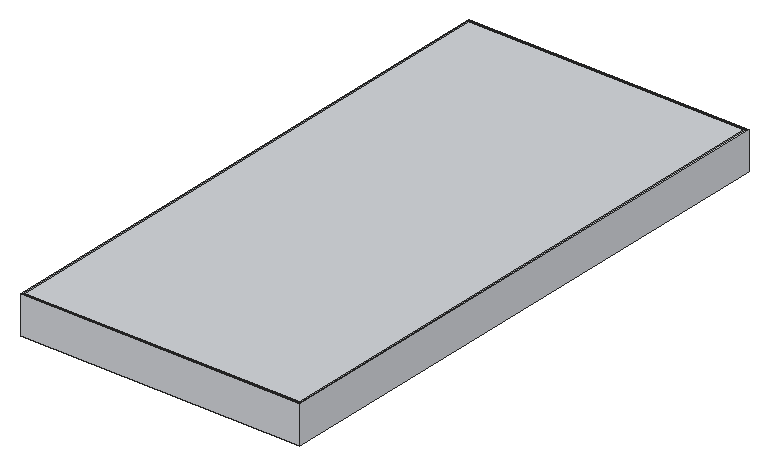
Revit family "Normentwässerungswanne", category Sanitärinstallationen, Revit 2020
Family settings
  Bemaßung runder Anschluss = Durchmesser verwenden
  Teiletyp = Normal
  Arbeitsebenenbasiert = Nein
  Immer vertikal = Ja
  Beim Laden mit Abzugskörper schneiden = Nein
  Gemeinsam genutzt = Nein
  Raumberechnungspunkt = Nein
Parameters (values of type "RS755.1200.600W")
  Vorgabe-Ansicht = 0 mm
  URL = "https://www.resitec.ch/"
  RS_yrohr [instance] = L / 2  # 600 mm
  RS_xrohr [instance] = B / 2  # 300 mm
  RS_s1 = 3 mm
  RS_hKR [instance] = 20 mm  # constant formula
  RS_dim001 = 5 mm  # constant formula
  RS_bKR [instance] = 50 mm  # constant formula
  RS_URL = ""
  RS_Manufacture = "Resitec"  # constant formula
  RS_Lrohr [instance] = L Rohr  # 150 mm
  RS_KRon [instance] = Kleberand  # no
  RS_Description [instance] = ""
  RS_DN1d [instance] = 114.4 mm  # constant formula
  RS_DN [instance] = DN  # 100 mm
  RS_Articelnumber [instance] = ""
  Lüftungsverbindung = no
  L Rohr [instance] = 150 mm
  L [instance] = 1200 mm
  Kleberand [instance] = no
  KW-Verbindung = no
  HW-Verbindung = no
  H [instance] = 80 mm
  DN [instance] = 100 mm
  Beschichtet [instance] = yes
  Baugruppenkennzeichen = "D2030300"
  B [instance] = 600 mm
  Abwasserrohrverbindung = yes
Types (5, lengths in mm): name | RS_yrohr | RS_xrohr | L | B
  (no name) | 600 | 300 | 1200 | 600
  RS755.456.396W | 228 | 198 | 456 | 396
  RS755.606.406W | 303 | 203 | 606 | 406
  RS755.806.506W | 403 | 253 | 806 | 506
  RS755.1200.600W | 600 | 300 | 1200 | 600
Reference planes
  plane 1 "Mitte (Vorne/hinten)": y = 0
  plane 2: z = 0
  plane 3 "Mitte (Links/rechts)": x = 0
  plane 4: y = 600
  plane 5: y = -600
  plane 6: x = -300
  plane 7: x = 300
  plane 8 "Ground": z = -80
  plane 9: y = 650
  plane 10: x = 350
  plane 11: y = -650
  plane 12: x = -350
  plane 13 "Kleberand": z = -20
  plane 14 "enderohr": z = -230
  plane 15: x = 300
  plane 16: y = 0
  plane 17: z = -9.383
Forms (mm)
  Extrusion 1, solid
    sketch origin (0, 0, 0) x (1, 0, 0) y (0, 1, 0)
      loop
        line (-300, 600) -> (-300, -600) -> (300, -600) -> (300, 600) -> (-300, 600)
    from -80 to 0
  Extrusion 2, void
    sketch origin (0, 0, 0) x (1, 0, 0) y (0, 1, 0)
      loop
        line (-297, 597) -> (-297, -597) -> (297, -597) -> (297, 597) -> (-297, 597)
    from -77 to 0
  Extrusion 3, solid, visible <- "RS_KRon"
    sketch origin (0, 0, -20) x (-1, 0, 0) y (0, -1, 0)
      loop
        line (350, -650) -> (350, 650) -> (-350, 650) -> (-350, -650) -> (350, -650)
      loop
        line (300, -600) -> (300, 600) -> (-300, 600) -> (-300, -600) -> (300, -600)
    from 0 to 3 <- "RS_s1"
  Extrusion 4, solid
    sketch origin (0, 0, -80) x (-1, 0, 0) y (0, -1, 0)
      loop
        circle (0, 0) r 57.2
    from 0 to -150
  Extrusion 5, solid
    sketch origin (0, 0, 0) x (1, 0, 0) y (0, 1, 0)
      loop
        line (-295, 595) -> (-295, -595) -> (295, -595) -> (295, 595) -> (-295, 595)
    from -9.383 to 0
Cuts and joins
  Extrusion 2 cuts Extrusion 1
Dimensions and locks
  equal spacing: plane 6, plane 3 "Mitte (Links/rechts)", plane 7
  equal spacing: plane 4, plane 1 "Mitte (Vorne/hinten)", plane 5
  "B": plane 6 to plane 7
  "L": plane 4 to plane 5
  "H": level to plane 8 "Ground"
  "RS_bKR": plane 9 to plane 4
  "RS_bKR": plane 7 to plane 10
  "RS_bKR": plane 5 to plane 11
  "RS_bKR": plane 12 to plane 6
  "RS_s1": plane 6 to Extrusion 2 sketch curve
  "RS_s1": Extrusion 2 sketch curve to plane 7
  "RS_s1": Extrusion 2 sketch curve to plane 5
  "RS_s1": plane 4 to Extrusion 2 sketch curve
  "RS_s1": cut or joined group of Extrusion 1, Extrusion 2 to plane 8 "Ground"
  "RS_Lrohr": plane 8 "Ground" to plane 14 "enderohr"
  "RS_yrohr": plane 16 to plane 5
  "RS_hKR": level to plane 13 "Kleberand"
  "RS_yrohr": plane 6 to plane 15
  "RS_dim001": plane 4 to Extrusion 5 sketch curve
  "RS_dim001": Extrusion 5 sketch curve to plane 5
  "RS_dim001": Extrusion 5 sketch curve to plane 7
  "RS_dim001": plane 6 to Extrusion 5 sketch curve
  locked: level to plane 17 at 9.383
  "RS_DN1d": diameter of Extrusion 4 sketch curve
  aligned and locked: level to plane 2
  aligned and locked: Extrusion 1 sketch curve to plane 4
  aligned and locked: plane 5 to Extrusion 1 sketch curve
  aligned and locked: Extrusion 1 sketch curve to plane 7
  aligned and locked: plane 6 to Extrusion 1 sketch curve
  aligned and locked: Extrusion 1 to plane 8 "Ground"
  aligned and locked: level to Extrusion 1
  aligned and locked: level to Extrusion 2
  aligned and locked: Extrusion 3 sketch curve to plane 9
  aligned and locked: plane 12 to Extrusion 3 sketch curve
  aligned and locked: Extrusion 3 sketch curve to plane 10
  aligned and locked: Extrusion 3 sketch curve to plane 11
  aligned and locked: Extrusion 3 sketch curve to cut or joined group of Extrusion 1, Extrusion 2  (x4)
  aligned and locked: Extrusion 4 to plane 14 "enderohr"
  aligned and locked: plane 8 "Ground" to Extrusion 4
  aligned and locked: level to Extrusion 5
  aligned and locked: Extrusion 5 to plane 17
  aligned and locked: plane 2 to Extrusion 5
Automatic sketch dimensions
  plane 1 "Mitte (Vorne/hinten)" to Extrusion 4 sketch curve = 0 mm
  Extrusion 4 sketch curve to plane 3 "Mitte (Links/rechts)" = 0 mm
